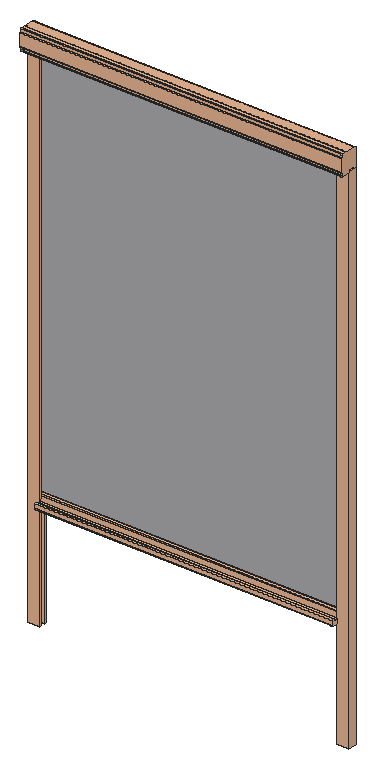
Revit family "Window_Screen-Sliding-Phantom_Screens-Prestige-Retractable_Window-04", category Specialty Equipment, Revit 2017
Family settings
  Round Connector Dimension = Use Diameter
  Part Type = Normal
  OmniClass Number = 23.30.60.21
  OmniClass Title = Insect Screens
  Work Plane-Based = No
  Always vertical = Yes
  Cut with Voids When Loaded = No
  Shared = No
  Room Calculation Point = No
Parameters (values of type "Wood Slide Bar")
  Width [instance] = if(Requested Width > Max Width, Max Width, if(Requested Width < Min Width, Min Width, Requested Width))  # 3' - 0"
  URL = "https://www.phantomscreens.com/"
  Type Comments = "Vertical Screen"  # constant formula
  Track Thickness = 0' - 0 223/256"  # constant formula
  Track Height = 0' - 1 91/256"  # constant formula
  Thickness = 0' - 1 29/32"  # constant formula
  Standard Track Calc = not(Removable Track Calc)  # yes
  Standard Track = not(Removable Track)  # no
  Slide Bar Height = 0' - 1 49/128"  # constant formula
  Screen Opening Height Calc [instance] = if(Screen Opening > Height Opening - Slide Bar Height, Height Opening - Slide Bar Height, Screen Opening)  # 1' - 0"
  Requested Width [instance] = 3' - 0"
  Requested Height [instance] = 5' - 0"
  Removable Track Calc = and(Standard Track, Removable Track)  # no
  Removable Track = yes
  Product Page URL = "https://www.phantomscreens.com/retractable-door-screens/"
  Product Name = "Retractable Window Screen"  # constant formula
  Product Documentation Link = "https://www.phantomscreens.com/architects-designers/"
  Not Removable Track = not(Removable Track Calc)  # yes
  Model = "Retractable Window Wood Veneer Application"  # constant formula
  Min Width = 1' - 6"  # constant formula
  Max Width = 6' - 0"  # constant formula
  Max Height = 6' - 6"  # constant formula
  Manufacturer = "Phantom Mfg. (Int'l) Ltd."  # constant formula
  Housing Height = 0' - 2 27/128"  # constant formula
  Height Opening [instance] = Height - Housing Height  # 4' - 9 101/128"
  Height [instance] = if(Requested Height > Max Height, Max Height, Requested Height)  # 5' - 0"
  Finish Screen = Screen-Insect_Mesh-Phantom_Screens-BetterVue_Mesh
  Finish = Wood-Phantom_Screens-Dark_Acacia
  Screen Opening [instance] = 1' - 0"
  Door Bottom Offset = 0' - 0 175/256"  # constant formula
  Description = "Phantom retractable wood window screen"  # constant formula
  Bottom Latch Offset = 0' - 0 175/256"  # constant formula
  Assembly Code = "B2010300"
Reference planes (in)
  plane 1 "Center (Front/Back)": y = -0.33082
  plane 2: z = 0
  plane 3 "Center (Left/Right)": x = 22.55646
  plane 4 "Top": z = 60
  plane 5 "Left": x = 4.55646
  plane 6 "Right": x = 40.55646
  plane 7 "Front": y = -1.28395
  plane 8 "Back": y = 0.6223
  plane 9 "Screen Top": z = 57.78906
  plane 10 "Track Interior": y = -0.24879
  plane 11 "Bottom Track": z = 12
  plane 12 "Track Exterior": y = 0.6223
  plane 13 "Right Offset": x = 39.20099
  plane 14 "Left Offset": x = 5.91192
  plane 15 "ScreenOffset": z = 13.38281
  plane 16 "Slide Bar Edge": y = -0.76442
  plane 17 "Requested Ht": z = 60
  plane 18 "Req Width Left": x = 4.55646
  plane 19 "Req Width Right": x = 40.55646
  plane 20 "Screen Open": z = 12
  plane 21: z = 12
Forms (in)
  Extrusion 1, solid, material "Wood-Phantom_Screens-Dark_Acacia" <- "Finish", detail levels coarse
    sketch origin (0, 0, 0) x (1, 0, 0) y (0, 1, 0)
      loop
        line (4.55646, 0.6223) -> (4.55646, -0.24879) -> (5.91192, -0.24879) -> (5.91192, 0.6223) -> (4.55646, 0.6223)
      loop
        line (39.20099, 0.6223) -> (39.20099, -0.24879) -> (40.55646, -0.24879) -> (40.55646, 0.6223) -> (39.20099, 0.6223)
    from 0 to 57.78906
  Extrusion 2, solid, material "Wood-Phantom_Screens-Dark_Acacia" <- "Finish", visible <- "Not Removable Track", detail levels medium+fine
    sketch origin (0, 0, 0) x (1, 0, 0) y (0, 1, 0)
      loop
        line (4.55646, 0.6223) -> (4.55646, -0.24879) -> (5.91192, -0.24879) -> (5.91192, -0.10286) -> (5.44405, -0.10286) -> (5.44405, 0.47637) -> (5.91192, 0.47637) -> (5.91192, 0.6223) -> (4.55646, 0.6223)
      loop
        line (40.55646, 0.6223) -> (39.20099, 0.6223) -> (39.20099, 0.47637) -> (39.66886, 0.47637) -> (39.66886, -0.10286) -> (39.20099, -0.10286) -> (39.20099, -0.24879) -> (40.55646, -0.24879) -> (40.55646, 0.6223)
    from 0 to 57.78906
  Extrusion 3, solid, material "Wood-Phantom_Screens-Dark_Acacia" <- "Finish", detail levels coarse
    sketch origin (22.55646, 0, 0) x (0, 1, 0) y (0, 0, 1)
      loop
        line (0.6223, 12) -> (0.6223, 13.38281) -> (-0.86598, 13.38281) -> (-0.86598, 12) -> (0.6223, 12)
    from -16.64453 to 16.64453
  Extrusion 4, solid, material "Wood-Phantom_Screens-Dark_Acacia" <- "Finish", detail levels medium+fine
    sketch origin (22.55646, 0, 0) x (0, 1, 0) y (0, 0, 1)
      loop
        line (-0.14346, 13.11288) -> (-0.16248, 12.57047)
        arc (-0.16248, 12.57047) -> (-0.1988, 12.48278) -> (-0.2865, 12.44646) r 0.12402
        line (-0.2865, 12.44646) -> (-0.54345, 12.44646)
        arc (-0.54345, 12.44646) -> (-0.63114, 12.48278) -> (-0.66747, 12.57047) r 0.12402
        line (-0.66747, 12.57047) -> (-0.66747, 12.61512)
        arc (-0.66747, 12.61512) -> (-0.76668, 12.69463) -> (-0.86589, 12.61512) r 0.10165
        line (-0.86589, 12.61512) -> (-0.86589, 12.12402)
        arc (-0.86589, 12.12402) -> (-0.82957, 12.03632) -> (-0.74188, 12) r 0.12402
        line (-0.74188, 12) -> (0.49828, 12)
        arc (0.49828, 12) -> (0.58598, 12.03632) -> (0.6223, 12.12402) r 0.12402
        line (0.6223, 12.12402) -> (0.6223, 13.38402) -> (0.01686, 13.38402)
        arc (0.01686, 13.38402) -> (-0.06736, 13.35537) -> (-0.11538, 13.2805) r 0.13477
        line (-0.11538, 13.2805) -> (-0.14346, 13.11288)
    from -16.64453 to 16.64453
  Extrusion 5, solid, material "Wood-Phantom_Screens-Dark_Acacia" <- "Finish", detail levels coarse
    sketch origin (22.55646, 0, 0) x (0, 1, 0) y (0, 0, 1)
      loop
        line (0.6223, 60) -> (-1.28395, 60) -> (-1.28395, 57.70962) -> (0.6223, 57.70962) -> (0.6223, 60)
    from -18 to 18
  Extrusion 6, solid, material "Screen-Insect_Mesh-Phantom_Screens-BetterVue_Mesh" <- "Finish Screen"
    sketch origin (0, 0, 0) x (1, 0, 0) y (0, 1, 0)
      loop
        line (5.53692, 0.32393) -> (5.53692, 0.2079) -> (39.57208, 0.2079) -> (39.57208, 0.32393) -> (5.53692, 0.32393)
    from 13.0006 to 58.41941
  Extrusion 7, solid, material "Wood-Phantom_Screens-Dark_Acacia" <- "Finish", visible <- "Removable Track Calc", detail levels medium+fine
    sketch origin (0, 0, 0) x (1, 0, 0) y (0, 1, 0)
      loop
        line (4.55646, 0.6223) -> (4.55646, 0.5552) -> (4.63901, 0.5552) -> (4.63901, -0.0641) -> (5.0527, -0.0641) -> (5.0527, -0.24879) -> (5.91192, -0.24879) -> (5.91192, -0.11188) -> (5.44761, -0.11188) -> (5.44761, 0.48043) -> (5.91192, 0.48043) -> (5.91192, 0.6223) -> (4.55646, 0.6223)
      loop
        line (40.55646, 0.6223) -> (39.20099, 0.6223) -> (39.20099, 0.48043) -> (39.6653, 0.48043) -> (39.6653, -0.11188) -> (39.20099, -0.11188) -> (39.20099, -0.24879) -> (40.06021, -0.24879) -> (40.06021, -0.0641) -> (40.4739, -0.0641) -> (40.4739, 0.5552) -> (40.55646, 0.5552) -> (40.55646, 0.6223)
    from 0 to 57.78906
  Extrusion 8, solid, material "Wood-Phantom_Screens-Dark_Acacia" <- "Finish", detail levels medium+fine
    sketch origin (22.55646, 0, 0) x (0, 1, 0) y (0, 0, 1)
      loop
        line (0.6223, 57.96102) -> (0.6223, 59.87498)
        arc (0.6223, 59.87498) -> (0.58568, 59.96338) -> (0.49728, 60) r 0.12502
        line (0.49728, 60) -> (-0.62133, 60) -> (-0.66431, 59.97519) -> (-1.11867, 59.97519)
        arc (-1.11867, 59.97519) -> (-1.17525, 59.95175) -> (-1.19869, 59.89517) r 0.08001
        line (-1.19869, 59.89517) -> (-1.19869, 59.63907) -> (-1.2787, 59.55905) -> (-1.2787, 58.14043) -> (-1.1981, 58.05982) -> (-1.18377, 57.78635)
        arc (-1.18377, 57.78635) -> (-1.15896, 57.73255) -> (-1.10394, 57.7106) r 0.07994
        line (-1.10394, 57.7106) -> (-0.28514, 57.7106) -> (-0.28514, 58.03556) -> (0.3969, 58.03556)
        arc (0.3969, 58.03556) -> (0.45802, 57.84232) -> (0.6223, 57.96102) r 0.12502
    from -18 to 18
Dimensions and locks (in)
  equal spacing: plane 5 "Left", plane 3 "Center (Left/Right)", plane 6 "Right"
  "Thickness": plane 8 "Back" to plane 7 "Front"
  "Width": plane 5 "Left" to plane 6 "Right"
  "Housing Height": plane 4 "Top" to plane 9 "Screen Top"
  "Height": plane 4 "Top" to plane 2
  "Screen Opening": plane 21 to plane 2
  equal spacing: plane 8 "Back", plane 1 "Center (Front/Back)", plane 7 "Front"
  "Track Thickness": plane 10 "Track Interior" to plane 12 "Track Exterior"
  locked: plane 12 "Track Exterior" to plane 8 "Back" at 0
  "Track Height": plane 5 "Left" to plane 14 "Left Offset"
  "Track Height": plane 13 "Right Offset" to plane 6 "Right"
  locked: Extrusion 2 sketch curve to plane 14 "Left Offset" at 0.46787
  locked: plane 13 "Right Offset" to Extrusion 2 sketch curve at 0.46787
  locked: plane 12 "Track Exterior" to Extrusion 2 sketch curve at 0.14593
  locked: plane 10 "Track Interior" to Extrusion 2 sketch curve at 0.14593  (x2)
  locked: Extrusion 2 sketch curve to plane 12 "Track Exterior" at 0.14593
  "Slide Bar Height": plane 15 "ScreenOffset" to plane 11 "Bottom Track"
  plane 12 "Track Exterior" to Extrusion 4 sketch curve to Extrusion 4 sketch curve to Extrusion 4 sketch curve to Extrusion 4 sketch curve to Extrusion 4 sketch curve to Extrusion 4 sketch curve to Extrusion 4 sketch curve to Extrusion 4 sketch curve = 0' - 0" locked, 0' - 0.60545" locked, 0' - 0.13223" locked, 0' - 0.0471" locked, 0' - 0.12402" locked, 0' - 0.25695" locked, 0' - 0.12402" locked, 0' - 0.19843" locked
  Extrusion 4 sketch curve to Extrusion 4 sketch curve to Extrusion 4 sketch curve to Extrusion 4 sketch curve to Extrusion 4 sketch curve to Extrusion 4 sketch curve to Extrusion 4 sketch curve to Extrusion 4 sketch curve to plane 11 "Bottom Track" to Extrusion 4 sketch curve = 0' - 0.10352" locked, 0' - 0.16762" locked, 0' - 0.41826" locked, 0' - 0.12415" locked, 0' - 0" locked, 0' - 0.12402" locked, 0' - 0.32244" locked, 0' - 0.12402" locked, 0' - 0" locked
  locked: plane 9 "Screen Top" to Extrusion 5 sketch curve at 0.07944
  locked: plane 15 "ScreenOffset" to Extrusion 6 at 0.38221
  Extrusion 6 sketch curve to Extrusion 6 sketch curve to plane 12 "Track Exterior" = 0' - 0.11603" locked, 0' - 0.29837" locked
  locked: Extrusion 6 sketch curve to plane 14 "Left Offset" at 0.375
  locked: plane 13 "Right Offset" to Extrusion 6 sketch curve at 0.37109
  Extrusion 7 sketch curve to Extrusion 7 sketch curve to Extrusion 7 sketch curve to Extrusion 7 sketch curve to Extrusion 7 sketch curve to plane 12 "Track Exterior" to Extrusion 7 sketch curve = 0' - 0.13692" locked, 0' - 0.04778" locked, 0' - 0.54453" locked, 0' - 0.07476" locked, 0' - 0.0671" locked, 0' - 0" locked  (x2)
  Extrusion 7 sketch curve to plane 5 "Left" to Extrusion 7 sketch curve to Extrusion 7 sketch curve to Extrusion 7 sketch curve to Extrusion 7 sketch curve to Extrusion 7 sketch curve = 0' - 0" locked, 0' - 0.08256" locked, 0' - 0.41369" locked, 0' - 0.39491" locked, 0' - 0.46432" locked, 0' - 0" locked
  Extrusion 7 sketch curve to plane 6 "Right" to Extrusion 7 sketch curve to Extrusion 7 sketch curve to Extrusion 7 sketch curve to Extrusion 7 sketch curve to Extrusion 7 sketch curve = 0' - 0" locked, 0' - 0.08256" locked, 0' - 0.41369" locked, 0' - 0.39491" locked, 0' - 0.46432" locked, 0' - 0" locked
  "Requested Height": plane 17 "Requested Ht" to plane 2
  "Requested Width": plane 19 "Req Width Right" to plane 18 "Req Width Left"
  equal spacing: plane 19 "Req Width Right", plane 3 "Center (Left/Right)", plane 18 "Req Width Left"
  "Screen Opening Height Calc": plane 20 "Screen Open" to plane 2
  Extrusion 8 sketch curve to plane 4 "Top" to Extrusion 8 sketch curve to Extrusion 8 sketch curve to Extrusion 8 sketch curve to Extrusion 8 sketch curve to Extrusion 8 sketch curve to Extrusion 8 sketch curve to Extrusion 8 sketch curve to Extrusion 8 sketch curve to Extrusion 8 sketch curve to Extrusion 8 sketch curve to Extrusion 8 sketch curve = 0' - 0" locked, 0' - 0.02481" locked, 0' - 0.08001" locked, 0' - 0.0202" locked, 0' - 0.23591" locked, 0' - 0.08001" locked, 0' - 1.41863" locked, 0' - 0.0806" locked, 0' - 0.02426" locked, 0' - 0.19956" locked, 0' - 0.04965" locked, 0' - 0.07575" locked
  Extrusion 8 sketch curve to plane 12 "Track Exterior" to Extrusion 8 sketch curve to Extrusion 8 sketch curve to Extrusion 8 sketch curve to Extrusion 8 sketch curve to Extrusion 8 sketch curve to Extrusion 8 sketch curve to Extrusion 8 sketch curve to Extrusion 8 sketch curve to Extrusion 8 sketch curve to Extrusion 8 sketch curve = 0' - 0" locked, 0' - 0.12502" locked, 0' - 0.10037" locked, 0' - 0.68204" locked, 0' - 0.33619" locked, 0' - 0 11/256" locked, 0' - 0.43963" locked, 0' - 0.07983" locked, 0' - 0.01433", 0' - 0.00059" locked, 0' - 0.08001" locked
  locked: plane 1 "Center (Front/Back)" to Extrusion 3 sketch curve at 0.53516
  locked: Extrusion 6 to plane 9 "Screen Top" at 0.63035
  aligned and locked: level to plane 2
  aligned and locked: Extrusion 1 sketch curve to plane 10 "Track Interior"  (x2)
  aligned and locked: plane 6 "Right" to Extrusion 1 sketch curve
  aligned and locked: plane 12 "Track Exterior" to Extrusion 2 sketch curve
  aligned and locked: plane 5 "Left" to Extrusion 2 sketch curve
  aligned and locked: Extrusion 2 sketch curve to plane 10 "Track Interior"
  aligned and locked: Extrusion 2 sketch curve to plane 14 "Left Offset"  (x2)
  aligned and locked: Extrusion 2 sketch curve to plane 6 "Right"
  aligned and locked: Extrusion 2 sketch curve to plane 12 "Track Exterior"
  aligned and locked: plane 13 "Right Offset" to Extrusion 2 sketch curve  (x2)
  aligned and locked: plane 10 "Track Interior" to Extrusion 2 sketch curve
  aligned and locked: Extrusion 2 to level
  aligned and locked: Extrusion 1 to level
  aligned and locked: plane 9 "Screen Top" to Extrusion 1
  aligned and locked: Extrusion 1 sketch curve to plane 13 "Right Offset"
  aligned and locked: plane 12 "Track Exterior" to Extrusion 1 sketch curve  (x2)
  aligned and locked: plane 5 "Left" to Extrusion 1 sketch curve
  aligned and locked: Extrusion 1 sketch curve to plane 14 "Left Offset"
  aligned and locked: nested 1 to plane 5 "Left"
  aligned and locked: nested 3 to plane 5 "Left"
  aligned and locked: nested 5 to plane 5 "Left"
  aligned and locked: nested 1 to plane 12 "Track Exterior"
  aligned and locked: nested 3 to plane 12 "Track Exterior"
  aligned and locked: nested 5 to plane 12 "Track Exterior"  (x2)
  aligned and locked: nested 2 to plane 12 "Track Exterior"
  aligned and locked: nested 4 to plane 12 "Track Exterior"
  aligned and locked: nested 4 to plane 6 "Right"
  aligned and locked: nested 2 to plane 6 "Right"
  aligned and locked: plane 6 "Right" to nested 6
  aligned and locked: plane 12 "Track Exterior" to nested 7
  aligned and locked: plane 15 "ScreenOffset" to Extrusion 3 sketch curve
  aligned and locked: Extrusion 3 sketch curve to plane 11 "Bottom Track"
  aligned and locked: Extrusion 3 sketch curve to plane 12 "Track Exterior"
  aligned and locked: Extrusion 4 to plane 14 "Left Offset"
  aligned and locked: Extrusion 3 to plane 14 "Left Offset"
  aligned and locked: Extrusion 4 to plane 13 "Right Offset"
  aligned and locked: Extrusion 3 to plane 13 "Right Offset"
  aligned and locked: plane 11 "Bottom Track" to nested 7
  aligned and locked: Extrusion 5 sketch curve to plane 8 "Back"
  aligned and locked: Extrusion 5 to plane 5 "Left"
  aligned and locked: Extrusion 5 to plane 6 "Right"
  aligned and locked: Extrusion 7 to level
  aligned and locked: plane 9 "Screen Top" to Extrusion 7
  aligned and locked: plane 20 "Screen Open" to plane 11 "Bottom Track"
  aligned and locked: plane 9 "Screen Top" to Extrusion 2
  aligned and locked: plane 12 "Track Exterior" to nested 6
  aligned and locked: plane 12 "Track Exterior" to nested 8
  aligned and locked: nested 8 to plane 4 "Top"
  aligned and locked: plane 7 "Front" to Extrusion 5 sketch curve
  aligned and locked: Extrusion 8 to plane 5 "Left"
  aligned and locked: Extrusion 8 to plane 6 "Right"
Automatic sketch dimensions
  Extrusion 4 sketch curve to Extrusion 4 sketch curve = 0' - 0.00113"
  Extrusion 4 sketch curve to plane 10 "Track Interior" = 0' - 0.10533"
  Extrusion 4 sketch curve to Extrusion 4 sketch curve = 0' - 0.32244"
  Extrusion 4 sketch curve to Extrusion 4 sketch curve = 0' - 0.0225"
  Extrusion 4 sketch curve to Extrusion 4 sketch curve = 0' - 0.02215"
  Extrusion 5 sketch curve to plane 4 "Top" = 0' - 0"
Nested families (in)
  nested 1: "Nested-Detail-Phantom_Screens-Retractable_Window-PVC-Side_Track" at (6.55646, -0.2527, 0) x (0, -1, 0) z (0, 0, 1), visible <- "Standard Track Calc", type "Standard Track"
  nested 2: "Nested-Detail-Phantom_Screens-Retractable_Window-PVC-Side_Track" at (38.55646, 0.62621, 0) x (0, 1, 0) z (0, 0, 1), visible <- "Standard Track Calc", type "Standard Track"
  nested 3: "Nested-Detail-Phantom_Screens-Retractable_Window-PVC-Side_Track" at (6.55646, -0.2527, 0) x (0, -1, 0) z (0, 0, 1), type "Short Side Track", not visible
  nested 4: "Nested-Detail-Phantom_Screens-Retractable_Window-PVC-Side_Track" at (38.55646, 0.62621, 0) x (0, 1, 0) z (0, 0, 1), type "Short Side Track", not visible
  nested 5: "Nested-Detail-Phantom_Screens-Retractable_Window-Wood_Veneer-Removable_Track" at (3.91192, 0.62621, 0) x (0, 1, 0) z (0, 0, 1), visible <- "Removable Track Calc", type "Removable Track"
  nested 6: "Nested-Detail-Phantom_Screens-Retractable_Window-Wood_Veneer-Removable_Track" at (41.20099, 0.62621, 0) x (0, 1, 0) z (0, 0, 1), visible <- "Removable Track Calc", type "Removable Track"
  nested 7: "Nested-Detail-Phantom_Screens-Retractable_Window-Wood_Veneer-Slide_Bar" at (22.55646, -0.25274, 14) x (0, -1, 0) z (1, 0, 0), type "Slide Bar"
  nested 8: "Nested-Detail-Phantom_Screens-Retractable_Window-Wood-Housing" at (22.55646, -0.43764, 59.7106) x (0, -1, 0) z (1, 0, 0), type "Housing"
Definition of nested family "Nested-Detail-Phantom_Screens-Retractable_Window-PVC-Side_Track"
  Parameters (values of type "Standard Track")
    Width = 0' - 0 223/256"  # constant formula
    URL = "https://www.phantomscreens.com/"
    Type Comments = "For Use With Phantom Models Only"  # constant formula
    Standard Track = not(Short Side Track)  # yes
    Short Side Track = no
    Model = "PVC/Aluminum"  # constant formula
    Manufacturer = "Phantom Mfg. (Int'l) Ltd."  # constant formula
    Height = if(Short Side Track, 0' 0 115/128", 0' 1 91/256")  # 0' - 1 91/256"
    Description = if(Short Side Track, "Short Side Track", "Standard Track")  # "Standard Track"
  Types (2): name | Standard Track | Short Side Track | Height | Description
    Short Side Track | no | yes | 0' - 0 115/128" | "Short Side Track"
    Standard Track | yes | no | 0' - 1 91/256" | "Standard Track"
  Reference planes (in)
    plane 1 "Center (Front/Back)": y = -1.23437
    plane 2: z = 0
    plane 3 "Center (Left/Right)": x = -0.43945
    plane 4 "Left": x = -0.875
    plane 5 "Bottom": y = -2
    plane 6 "Right": x = -0.00391
    plane 7: y = -0.64453
  Lines and regions (in)
    Masking region 1, in view "Ref. Level", detail levels coarse
      outline origin (0, 0, 0) x (1, 0, 0) y (0, 1, 0)
        loop
          line (-0.875, -0.64453) -> (-0.875, -2) -> (-0.00391, -2) -> (-0.00391, -0.64453) -> (-0.875, -0.64453)
    Masking region 2, in view "Ref. Level", detail levels medium+fine
      outline origin (6.99908, 6.96535, 0) x (-1, 0, 0) y (0, -1, 0)
        loop
          line (7.06096, 8.90738) -> (7.81611, 8.90738) -> (7.81611, 8.12774) -> (7.77812, 8.12774)
          arc (7.77812, 8.12774) -> (7.74278, 8.1131) -> (7.72814, 8.07776) r 0.04998
          line (7.72814, 8.07776) -> (7.72814, 8.02783) -> (7.77858, 8.02783) -> (7.77858, 8.07776) -> (7.81611, 8.07776) -> (7.81611, 7.86059) -> (7.77858, 7.86059) -> (7.77858, 7.90979) -> (7.72814, 7.90979) -> (7.72814, 7.60997) -> (7.78612, 7.60997) -> (7.78612, 7.75263) -> (7.87408, 7.85186) -> (7.87408, 8.96535) -> (7.00298, 8.96535) -> (7.00298, 7.84695) -> (7.09094, 7.75263) -> (7.09094, 7.60997) -> (7.14892, 7.60997) -> (7.14892, 7.90979) -> (7.09848, 7.90979) -> (7.09848, 7.86059) -> (7.06096, 7.86059) -> (7.06096, 8.07776) -> (7.09848, 8.07776) -> (7.09848, 8.02783) -> (7.14892, 8.02783) -> (7.14892, 8.07776)
          arc (7.14892, 8.07776) -> (7.13428, 8.1131) -> (7.09894, 8.12774) r 0.04998
          line (7.09894, 8.12774) -> (7.06096, 8.12774) -> (7.06096, 8.90738)
  Dimensions and locks (in)
    plane 4 "Left" to plane 3 "Center (Left/Right)" = 0' - 0.43555"
    plane 1 "Center (Front/Back)" to plane 5 "Bottom" = 0' - 0 49/64"
    "Width": plane 4 "Left" to plane 6 "Right"
    "Height": plane 7 to plane 5 "Bottom"
    Masking region 2 sketch curve to plane 4 "Left" to Masking region 2 sketch curve to Masking region 2 sketch curve to Masking region 2 sketch curve to Masking region 2 sketch curve to Masking region 2 sketch curve to Masking region 2 sketch curve to Masking region 2 sketch curve to Masking region 2 sketch curve to Masking region 2 sketch curve to Masking region 2 sketch curve to Masking region 2 sketch curve to Masking region 2 sketch curve to Masking region 2 sketch curve to Masking region 2 sketch curve = 0' - 0" locked, 0' - 0.05797" locked, 0' - 0" locked, 0' - 0.02999" locked, 0' - 0.00754" locked, 0' - 0" locked, 0' - 0.05044" locked, 0' - 0" locked, 0' - 0.57923" locked, 0' - 0" locked, 0' - 0.05044" locked, 0' - 0.00754" locked, 0' - 0.02999" locked, 0' - 0" locked, 0' - 0.05797" locked
    plane 7 to Masking region 2 sketch curve to Masking region 2 sketch curve to Masking region 2 sketch curve to Masking region 2 sketch curve to Masking region 2 sketch curve to Masking region 2 sketch curve to Masking region 2 sketch curve to Masking region 2 sketch curve to Masking region 2 sketch curve to Masking region 2 sketch curve to Masking region 2 sketch curve to Masking region 2 sketch curve to Masking region 2 sketch curve to Masking region 2 sketch curve to Masking region 2 sketch curve = 0' - 0.00009" locked, 0' - 0" locked, 0' - 0.14265" locked, 0' - 0" locked, 0' - 0.09433" locked, 0' - 0.01364" locked, 0' - 0" locked, 0' - 0.04919" locked, 0' - 0" locked, 0' - 0.11804" locked, 0' - 0" locked, 0' - 0.04993" locked, 0' - 0" locked, 0' - 0.04998" locked, 0' - 0" locked
    Masking region 2 sketch curve to Masking region 2 sketch curve to plane 5 "Bottom" = 0' - 0.05797" locked, 0' - 0" locked
    equal spacing: plane 4 "Left", plane 3 "Center (Left/Right)", plane 6 "Right"
    aligned and locked: Masking region 1 sketch curve to plane 7
    aligned and locked: Masking region 1 sketch curve to plane 4 "Left"
    aligned and locked: plane 5 "Bottom" to Masking region 1
  Automatic sketch dimensions
    Masking region 1 sketch curve to plane 6 "Right" = 0' - 0"
    plane 5 "Bottom" to Masking region 1 sketch curve = 0' - 0"
    Masking region 2 sketch curve to Masking region 2 sketch curve = 0' - 0.00046"
    Masking region 2 sketch curve to Masking region 2 sketch curve = 0' - 0.00873"
    Masking region 2 sketch curve to Masking region 2 sketch curve = 0' - 0"  (x2)
Definition of nested family "Nested-Detail-Phantom_Screens-Retractable_Window-Wood_Veneer-Removable_Track"
  Parameters (values of type "Removable Track")
    Width = 0' - 0 223/256"  # constant formula
    URL = "https://www.phantomscreens.com/"
    Type Comments = "For Use With Phantom Models Only"  # constant formula
    Model = "Wood Veneer"  # constant formula
    Manufacturer = "Phantom Mfg. (Int'l) Ltd."  # constant formula
    Height = 0' - 1 91/256"  # constant formula
    Description = "Removable Track"  # constant formula
  Reference planes (in)
    plane 1 "Center (Front/Back)": y = -1.23437
    plane 2: z = 0
    plane 3 "Center (Left/Right)": x = -0.43945
    plane 4 "Left": x = -0.875
    plane 5 "Bottom": y = -2
    plane 6 "Right": x = -0.00391
    plane 7: y = -0.64453
  Lines and regions (in)
    Masking region 1, in view "Ref. Level", detail levels coarse
      outline origin (0, 0, 0) x (1, 0, 0) y (0, 1, 0)
        loop
          line (-0.875, -0.64453) -> (-0.875, -2) -> (-0.00391, -2) -> (-0.00391, -0.64453) -> (-0.875, -0.64453)
    Masking region 2, in view "Ref. Level", detail levels medium+fine
      outline origin (0, 0, 0) x (1, 0, 0) y (0, 1, 0)
        loop
          line (-0.68222, -0.80507) -> (-0.68222, -1.01915) -> (-0.64803, -1.04413) -> (-0.64803, -1.079) -> (-0.6903, -1.10676) -> (-0.6903, -1.26849) -> (-0.82539, -1.26849) -> (-0.82539, -1.16432)
          arc (-0.82539, -1.16432) -> (-0.85019, -1.13951) -> (-0.875, -1.16432) r 0.02481
          line (-0.875, -1.16432) -> (-0.875, -1.73649) -> (-0.78769, -1.84787) -> (-0.78769, -2) -> (-0.73808, -2) -> (-0.73808, -1.70236) -> (-0.78769, -1.70236) -> (-0.78769, -1.75164) -> (-0.82539, -1.75164) -> (-0.82539, -1.53568) -> (-0.78769, -1.53568) -> (-0.78769, -1.58463) -> (-0.73808, -1.58463) -> (-0.73808, -1.53568)
          arc (-0.73808, -1.53568) -> (-0.75261, -1.5006) -> (-0.78769, -1.48608) r 0.04961
          line (-0.78769, -1.48608) -> (-0.82539, -1.48608) -> (-0.82539, -1.3181) -> (-0.64104, -1.3181) -> (-0.64104, -1.14032) -> (-0.59847, -1.08205) -> (-0.59847, -1.04447) -> (-0.63159, -0.99403) -> (-0.63159, -0.77669) -> (-0.30187, -0.77669) -> (-0.30187, -0.99403) -> (-0.335, -1.04447) -> (-0.335, -1.08205) -> (-0.29242, -1.14032) -> (-0.29242, -1.3181) -> (-0.05846, -1.3181) -> (-0.05846, -1.48608) -> (-0.09617, -1.48608)
          arc (-0.09617, -1.48608) -> (-0.13124, -1.5006) -> (-0.14577, -1.53568) r 0.04961
          line (-0.14577, -1.53568) -> (-0.14577, -1.58463) -> (-0.09617, -1.58463) -> (-0.09617, -1.53762) -> (-0.05846, -1.53762) -> (-0.05846, -1.75164) -> (-0.09617, -1.75164) -> (-0.09617, -1.70236) -> (-0.14577, -1.70236) -> (-0.14577, -2) -> (-0.09617, -2) -> (-0.09617, -1.84787) -> (-0.00391, -1.7235) -> (-0.00391, -0.66926)
          arc (-0.00391, -0.66926) -> (-0.0302, -0.6445) -> (-0.05333, -0.67223) r 0.0248
          line (-0.05333, -0.67223) -> (-0.06869, -1.26849) -> (-0.24316, -1.26849) -> (-0.24316, -1.10676) -> (-0.28544, -1.079) -> (-0.28544, -1.04413) -> (-0.25125, -1.01915) -> (-0.25125, -0.80507)
          arc (-0.25125, -0.80507) -> (-0.27498, -0.74985) -> (-0.33061, -0.72709) r 0.07937
          line (-0.33061, -0.72709) -> (-0.60286, -0.72709)
          arc (-0.60286, -0.72709) -> (-0.65849, -0.74985) -> (-0.68222, -0.80507) r 0.07937
  Dimensions and locks (in)
    plane 4 "Left" to plane 3 "Center (Left/Right)" = 0' - 0.43555"
    plane 7 to plane 1 "Center (Front/Back)" to plane 5 "Bottom" = 0' - 0 151/256", 0' - 0 49/64"
    "Width": plane 4 "Left" to plane 6 "Right"
    "Height": plane 7 to plane 5 "Bottom"
    equal spacing: plane 4 "Left", plane 3 "Center (Left/Right)", plane 6 "Right"
    plane 4 "Left" to Masking region 2 sketch curve to Masking region 2 sketch curve to Masking region 2 sketch curve to Masking region 2 sketch curve to Masking region 2 sketch curve to Masking region 2 sketch curve to Masking region 2 sketch curve to Masking region 2 sketch curve to Masking region 2 sketch curve to Masking region 2 sketch curve to Masking region 2 sketch curve to Masking region 2 sketch curve to Masking region 2 sketch curve to Masking region 2 sketch curve to Masking region 2 sketch curve to Masking region 2 sketch curve to Masking region 2 sketch curve to Masking region 2 sketch curve to Masking region 2 sketch curve to Masking region 2 sketch curve to Masking region 2 sketch curve to Masking region 2 sketch curve to Masking region 2 sketch curve to Masking region 2 sketch curve to Masking region 2 sketch curve to Masking region 2 sketch curve to Masking region 2 sketch curve to Masking region 2 sketch curve to Masking region 2 sketch curve to Masking region 2 sketch curve = 0' - 0" locked, 0' - 0.04961" locked, 0' - 0" locked, 0' - 0" locked, 0' - 0.0377" locked, 0' - 0" locked, 0' - 0" locked, 0' - 0.04961" locked, 0' - 0.04778" locked, 0' - 0.00809" locked, 0' - 0.03419" locked, 0' - 0.00699" locked, 0' - 0.00945" locked, 0' - 0.03312" locked, 0' - 0.26347" locked, 0' - 0.03312" locked, 0' - 0.00945" locked, 0' - 0.00699" locked, 0' - 0.03419" locked, 0' - 0.00809" locked, 0' - 0.09739" locked, 0' - 0" locked, 0' - 0.04961" locked, 0' - 0" locked, 0' - 0" locked, 0' - 0.02747" locked, 0' - 0.01023" locked, 0' - 0" locked, 0' - 0.00513" locked, 0' - 0.04943" locked
    plane 5 "Bottom" to Masking region 2 sketch curve to Masking region 2 sketch curve to Masking region 2 sketch curve to Masking region 2 sketch curve to Masking region 2 sketch curve to Masking region 2 sketch curve to Masking region 2 sketch curve to Masking region 2 sketch curve to Masking region 2 sketch curve to Masking region 2 sketch curve to Masking region 2 sketch curve to Masking region 2 sketch curve to Masking region 2 sketch curve to Masking region 2 sketch curve to Masking region 2 sketch curve to Masking region 2 sketch curve to Masking region 2 sketch curve to Masking region 2 sketch curve to Masking region 2 sketch curve to Masking region 2 sketch curve to Masking region 2 sketch curve to Masking region 2 sketch curve to Masking region 2 sketch curve to Masking region 2 sketch curve to Masking region 2 sketch curve to Masking region 2 sketch curve to Masking region 2 sketch curve to Masking region 2 sketch curve to Masking region 2 sketch curve to Masking region 2 sketch curve to Masking region 2 sketch curve to Masking region 2 sketch curve to Masking region 2 sketch curve to Masking region 2 sketch curve to Masking region 2 sketch curve to Masking region 2 sketch curve to Masking region 2 sketch curve to Masking region 2 sketch curve = 0' - 0" locked, 0' - 0" locked, 0' - 0.15213" locked, 0' - 0" locked, 0' - 0.09623" locked, 0' - 0" locked, 0' - 0.01515" locked, 0' - 0.01299", 0' - 0.02114", 0' - 0" locked, 0' - 0.11773" locked, 0' - 0" locked, 0' - 0.04701" locked, 0' - 0.00194" locked, 0' - 0.04961" locked, 0' - 0" locked, 0' - 0 43/256" locked, 0' - 0" locked, 0' - 0.04961" locked, 0' - 0" locked, 0' - 0.12817" locked, 0' - 0" locked, 0' - 0.00081" locked, 0' - 0.03275" locked, 0' - 0" locked, 0' - 0.02471" locked, 0' - 0" locked, 0' - 0.00306" locked, 0' - 0" locked, 0' - 0.03453" locked, 0' - 0" locked, 0' - 0.00033" locked, 0' - 0" locked, 0' - 0.02498" locked, 0' - 0.02513" locked, 0' - 0.21733" locked, 0' - 0.04961" locked, 0' - 0.08263" locked
    aligned and locked: Masking region 1 sketch curve to plane 7
    aligned and locked: Masking region 1 sketch curve to plane 4 "Left"
    aligned and locked: plane 5 "Bottom" to Masking region 1
  Automatic sketch dimensions
    Masking region 1 sketch curve to plane 6 "Right" = 0' - 0"
    plane 5 "Bottom" to Masking region 1 sketch curve = 0' - 0"
    Masking region 2 sketch curve to Masking region 2 sketch curve = 0' - 0"  (x4)
    Masking region 2 sketch curve to Masking region 2 sketch curve = 0' - 0.02873"
    Masking region 2 sketch curve to Masking region 2 sketch curve = 0' - 0.00439"
    Masking region 2 sketch curve to Masking region 2 sketch curve = 0' - 0.02462"
    Masking region 2 sketch curve to Masking region 2 sketch curve = 0' - 0.00139"
    Masking region 2 sketch curve to Masking region 2 sketch curve = 0' - 0.07937"
    Masking region 2 sketch curve to plane 1 "Center (Front/Back)" = 0' - 0.24035"
    Masking region 2 sketch curve to plane 1 "Center (Front/Back)" = 0' - 0.21522"
Definition of nested family "Nested-Detail-Phantom_Screens-Retractable_Window-Wood_Veneer-Slide_Bar"
  Parameters (values of type "Slide Bar")
    Width = 0' - 1 125/256"  # constant formula
    URL = "https://www.phantomscreens.com/"
    Type Comments = "For Use With Phantom Models Only"  # constant formula
    Model = "Wood Veneer"  # constant formula
    Manufacturer = "Phantom Mfg. (Int'l) Ltd."  # constant formula
    Height = 0' - 1 49/128"  # constant formula
    Description = "Slide Bar"  # constant formula
  Types (2): name
    Side Track Surface Mount Inside Jamb
    Slide Bar
  Reference planes (in)
    plane 1 "Center (Front/Back)": y = -1.23437
    plane 2: z = 0
    plane 3 "Center (Left/Right)": x = -0.1309
    plane 4 "Left": x = -0.87504
    plane 5 "Bottom": y = -2
    plane 6 "Right": x = 0.61324
    plane 7: y = -0.61719
  Lines and regions (in)
    Masking region 1, in view "Ref. Level", detail levels coarse
      outline origin (0, 0, 0) x (1, 0, 0) y (0, 1, 0)
        loop
          line (-0.87504, -0.61719) -> (-0.87504, -2) -> (0.61324, -2) -> (0.61324, -0.61719) -> (-0.87504, -0.61719)
    Masking region 2, in view "Ref. Level", detail levels medium+fine
      outline origin (0, 0, 0) x (1, 0, 0) y (0, 1, 0)
        loop
          arc (0.48913, -2) -> (0.57682, -1.96368) -> (0.61315, -1.87598) r 0.12402
          line (0.61315, -1.87598) -> (0.61315, -1.38488)
          arc (0.61315, -1.38488) -> (0.51393, -1.30537) -> (0.41472, -1.38488) r 0.10165
          line (0.41472, -1.38488) -> (0.41472, -1.42953)
          arc (0.41472, -1.42953) -> (0.3784, -1.51722) -> (0.29071, -1.55354) r 0.12402
          line (0.29071, -1.55354) -> (0.03375, -1.55354)
          arc (0.03375, -1.55354) -> (-0.05394, -1.51722) -> (-0.09026, -1.42953) r 0.12402
          line (-0.09026, -1.42953) -> (-0.10928, -0.88712) -> (-0.13737, -0.7195)
          arc (-0.13737, -0.7195) -> (-0.18539, -0.64463) -> (-0.2696, -0.61598) r 0.13477
          line (-0.2696, -0.61598) -> (-0.43503, -0.61598) -> (-0.32537, -1.13189) -> (-0.55012, -1.13189) -> (-0.55012, -0.61598) -> (-0.87504, -0.61598) -> (-0.87504, -1.87598)
          arc (-0.87504, -1.87598) -> (-0.83872, -1.96368) -> (-0.75103, -2) r 0.12402
          line (-0.75103, -2) -> (-0.62701, -2) -> (-0.62701, -1.75197) -> (-0.54963, -1.75197) -> (-0.54963, -2) -> (0.48913, -2)
  Dimensions and locks (in)
    plane 4 "Left" to plane 3 "Center (Left/Right)" = 0' - 0.74414"
    plane 1 "Center (Front/Back)" to plane 5 "Bottom" = 0' - 0 49/64"
    "Width": plane 4 "Left" to plane 6 "Right"
    "Height": plane 7 to plane 5 "Bottom"
    plane 4 "Left" to Masking region 2 sketch curve to Masking region 2 sketch curve to Masking region 2 sketch curve to Masking region 2 sketch curve to Masking region 2 sketch curve to Masking region 2 sketch curve to Masking region 2 sketch curve to Masking region 2 sketch curve to Masking region 2 sketch curve to Masking region 2 sketch curve to Masking region 2 sketch curve to Masking region 2 sketch curve to Masking region 2 sketch curve to Masking region 2 sketch curve = 0' - 0" locked, 0' - 0.12402" locked, 0' - 0.12402" locked, 0' - 0.07689" locked, 0' - 0.00049" locked, 0' - 0.11459" locked, 0' - 0.10966" locked, 0' - 0.18801" locked, 0' - 0.02809" locked, 0' - 0.01902" locked, 0' - 0.38097" locked, 0' - 0.12402" locked, 0' - 0.07441" locked, 0' - 0.12402" locked
    Masking region 2 sketch curve to Masking region 2 sketch curve to Masking region 2 sketch curve to Masking region 2 sketch curve to Masking region 2 sketch curve to Masking region 2 sketch curve to Masking region 2 sketch curve to Masking region 2 sketch curve to Masking region 2 sketch curve to Masking region 2 sketch curve to Masking region 2 sketch curve to Masking region 2 sketch curve to Masking region 2 sketch curve to Masking region 2 sketch curve = 0' - 0" locked, 0' - 0.10352" locked, 0' - 0.16762" locked, 0' - 0.24477" locked, 0' - 0.25299" locked, 0' - 0.04465" locked, 0' - 0" locked, 0' - 0.12402" locked, 0' - 0.19843" locked, 0' - 0.12402" locked, 0' - 0" locked, 0' - 0.12402" locked, 0' - 0" locked
    equal spacing: plane 4 "Left", plane 3 "Center (Left/Right)", plane 6 "Right"
    aligned and locked: Masking region 1 sketch curve to plane 7
    aligned and locked: Masking region 1 sketch curve to plane 4 "Left"
  Automatic sketch dimensions
    Masking region 2 sketch curve to plane 5 "Bottom" = 0' - 1.38402"
    Masking region 2 sketch curve to Masking region 2 sketch curve = 0' - 0.00113"
    Masking region 2 sketch curve to Masking region 2 sketch curve = 0' - 0.1311"
    Masking region 2 sketch curve to Masking region 2 sketch curve = 0' - 0.09921"
    Masking region 2 sketch curve to Masking region 2 sketch curve = 0' - 0.02215"
    plane 5 "Bottom" to Masking region 1 sketch curve = 0' - 0"
    Masking region 1 sketch curve to plane 6 "Right" = 0' - 0"
Definition of nested family "Nested-Detail-Phantom_Screens-Retractable_Window-Wood-Housing"
  Parameters (values of type "Housing")
    Width = 0' - 1 29/32"
    URL = "https://www.phantomscreens.com/"
    Type Comments = "For Use With Phantom Models Only"  # constant formula
    Model = "Retractable Window"  # constant formula
    Manufacturer = "Phantom Mfg. (Int'l) Ltd."  # constant formula
    Height = 0' - 2.2894"
    Description = "Wood Housing"  # constant formula
  Reference planes (in)
    plane 1 "Center (Front/Back)": y = -0.8553
    plane 2: z = 0
    plane 3 "Center (Left/Right)": x = 0
    plane 4 "Right": x = 0.84631
    plane 5 "Left": x = -1.05994
    plane 6 "Top": y = 0.2894
    plane 7 "Bottom": y = -2
  Lines and regions (in)
    Masking region 1, in view "Ref. Level", detail levels medium+fine
      outline origin (-4.6529, 0.04331, 0) x (1, 0, 0) y (0, 1, 0)
        loop
          arc (3.64297, 0.04419) -> (3.68614, 0.02548) -> (3.73316, 0.02668) r 0.10908
          line (3.73316, 0.02668) -> (3.72275, 0.07565)
          arc (3.72275, 0.07565) -> (3.66506, 0.17423) -> (3.76389, 0.11697) r 0.05907
          line (3.76389, 0.11697) -> (3.81242, 0.10487)
          arc (3.81242, 0.10487) -> (3.81418, 0.15236) -> (3.79558, 0.19608) r 0.10908
          line (3.79558, 0.19608) -> (4.8232, 0.19608) -> (4.87958, 0.16353)
          arc (4.87958, 0.16353) -> (4.8563, 0.10033) -> (4.87458, 0.0355) r 0.10908
          line (4.87458, 0.0355) -> (4.91703, 0.06202)
          arc (4.91703, 0.06202) -> (4.99368, 0.14786) -> (4.96257, 0.03706) r 0.05907
          line (4.96257, 0.03706) -> (4.98134, -0.01182)
          arc (4.98134, -0.01182) -> (5.03295, 0.0105) -> (5.06657, 0.05557) r 0.10908
          line (5.06657, 0.05557) -> (5.31594, -0.0884) -> (5.33844, -0.04942) -> (5.12307, 0.07493) -> (5.15807, 0.13556) -> (5.28922, 0.05984) -> (5.36143, 0.04456) -> (5.37179, 0.09348) -> (5.29155, 0.11047) -> (5.1979, 0.16454)
          arc (5.1979, 0.16454) -> (5.14477, 0.17153) -> (5.10226, 0.13891) r 0.07001
          line (5.10226, 0.13891) -> (5.07422, 0.09034)
          arc (5.07422, 0.09034) -> (5.02783, 0.18543) -> (4.9226, 0.19644) r 0.10908
          line (4.9226, 0.19644) -> (4.8366, 0.24609) -> (3.71799, 0.24609)
          arc (3.71799, 0.24609) -> (3.62958, 0.20948) -> (3.59297, 0.12107) r 0.12502
          line (3.59297, 0.12107) -> (3.59297, -1.79288)
          arc (3.59297, -1.79288) -> (3.75105, -1.91345) -> (3.82552, -1.72911) r 0.12502
          line (3.82552, -1.72911) -> (3.77011, -1.76509)
          arc (3.77011, -1.76509) -> (3.68777, -1.84364) -> (3.71757, -1.73382) r 0.05907
          line (3.71757, -1.73382) -> (3.71757, -1.68381)
          arc (3.71757, -1.68381) -> (3.67742, -1.69163) -> (3.64297, -1.7137) r 0.10908
          line (3.64297, -1.7137) -> (3.64297, 0.04419)
    Masking region 2, in view "Ref. Level", detail levels medium+fine
      outline origin (-5.77397, -0.02572, 0) x (1, 0, 0) y (0, 1, 0)
        loop
          arc (5.96424, -1.80083) -> (5.95486, -1.76583) -> (5.92924, -1.7402) r 0.07001
          line (5.92924, -1.7402) -> (5.76081, -1.63993)
          arc (5.76081, -1.63993) -> (5.68935, -1.63452) -> (5.65077, -1.69492) r 0.06981
          line (5.65077, -1.69492) -> (5.68823, -1.71655) -> (5.71323, -1.67324) -> (5.91423, -1.78929) -> (5.91423, -1.92427) -> (5.62148, -1.92427) -> (5.62148, -1.97428) -> (6.44027, -1.97428)
          arc (6.44027, -1.97428) -> (6.4953, -1.95232) -> (6.5201, -1.89852) r 0.07994
          line (6.5201, -1.89852) -> (6.53502, -1.624)
          arc (6.53502, -1.624) -> (6.55805, -1.56669) -> (6.61503, -1.54286) r 0.08
          line (6.61503, -1.54286) -> (6.61503, -0.12582)
          arc (6.61503, -0.12582) -> (6.55846, -0.10239) -> (6.53502, -0.04581) r 0.08001
          line (6.53502, -0.04581) -> (6.53502, 0.2103)
          arc (6.53502, 0.2103) -> (6.51159, 0.26688) -> (6.45501, 0.29031) r 0.08001
          line (6.45501, 0.29031) -> (6.36044, 0.29031) -> (6.36044, 0.24031) -> (6.46351, 0.24031)
          arc (6.46351, 0.24031) -> (6.48472, 0.23152) -> (6.49351, 0.2103) r 0.03001
          line (6.49351, 0.2103) -> (6.49351, 0.06491) -> (6.29188, 0.18132) -> (6.26934, 0.14227) -> (6.48501, 0.01775) -> (6.48501, -0.04581)
          arc (6.48501, -0.04581) -> (6.50685, -0.11793) -> (6.56503, -0.16583) r 0.13002
          line (6.56503, -0.16583) -> (6.56503, -1.50285)
          arc (6.56503, -1.50285) -> (6.50685, -1.55075) -> (6.48455, -1.62131) r 0.13002
          line (6.48455, -1.62131) -> (6.46867, -1.92427) -> (5.96424, -1.92427) -> (5.96424, -1.80083)
    Masking region 3, in view "Ref. Level", detail levels coarse
      outline origin (0, 0, 0) x (1, 0, 0) y (0, 1, 0)
        loop
          line (-1.05994, 0.2894) -> (-1.05994, -2) -> (0.84631, -2) -> (0.84631, 0.2894) -> (-1.05994, 0.2894)
  Dimensions and locks (in)
    "Height": plane 6 "Top" to plane 7 "Bottom"  (x2)
    equal spacing: plane 6 "Top", plane 1 "Center (Front/Back)", plane 7 "Bottom"
    "Width": plane 5 "Left" to plane 4 "Right"
    plane 6 "Top" to Masking region 1 sketch curve to Masking region 1 sketch curve to Masking region 1 sketch curve to Masking region 1 sketch curve to Masking region 1 sketch curve to Masking region 1 sketch curve to Masking region 1 sketch curve to Masking region 1 sketch curve to Masking region 1 sketch curve to Masking region 1 sketch curve to Masking region 1 sketch curve to Masking region 1 sketch curve to Masking region 1 sketch curve to Masking region 1 sketch curve to Masking region 1 sketch curve to Masking region 1 sketch curve to Masking region 1 sketch curve to Masking region 1 sketch curve to Masking region 1 sketch curve to Masking region 1 sketch curve to Masking region 1 sketch curve to Masking region 1 sketch curve to Masking region 1 sketch curve to Masking region 1 sketch curve to Masking region 1 sketch curve to Masking region 1 sketch curve = 0' - 0" locked, 0' - 0.04095" locked, 0' - 0.00906" locked, 0' - 0.00447" locked, 0' - 0.0177" locked, 0' - 0.01878" locked, 0' - 0.01957" locked, 0' - 0.03069" locked, 0' - 0.01139" locked, 0' - 0.01856" locked, 0' - 0.0129" locked, 0' - 0.00218" locked, 0' - 0.00427" locked, 0' - 0.01101" locked, 0' - 0.0075" locked, 0' - 0.00156" locked, 0' - 0.01202" locked, 0' - 0.0353" locked, 0' - 0.0376" locked, 0' - 0.03898" locked, 0' - 1.59541" locked, 0' - 0.02989" locked, 0' - 0.02012" locked, 0' - 0.03127" locked, 0' - 0.08686" locked, 0' - 0.06596" locked
    Masking region 1 sketch curve to plane 5 "Left" to Masking region 1 sketch curve to Masking region 1 sketch curve to Masking region 1 sketch curve to Masking region 1 sketch curve to Masking region 1 sketch curve to Masking region 1 sketch curve to Masking region 1 sketch curve to Masking region 1 sketch curve to Masking region 1 sketch curve to Masking region 1 sketch curve to Masking region 1 sketch curve to Masking region 1 sketch curve to Masking region 1 sketch curve to Masking region 1 sketch curve to Masking region 1 sketch curve to Masking region 1 sketch curve to Masking region 1 sketch curve to Masking region 1 sketch curve to Masking region 1 sketch curve to Masking region 1 sketch curve to Masking region 1 sketch curve to Masking region 1 sketch curve to Masking region 1 sketch curve to Masking region 1 sketch curve to Masking region 1 sketch curve to Masking region 1 sketch curve to Masking region 1 sketch curve = 0' - 0" locked, 0' - 0.05001" locked, 0' - 0.00488" locked, 0' - 0.01107" locked, 0' - 0.05865" locked, 0' - 0.00518" locked, 0' - 0.01041" locked, 0' - 0.03073" locked, 0' - 0.03169" locked, 0' - 0.01684" locked, 0' - 0.0131" locked, 0' - 0.99767" locked, 0' - 0.0134" locked, 0' - 0.01962" locked, 0' - 0.12512" locked, 0' - 0.04302" locked, 0' - 0.04221" locked, 0' - 0.00765" locked, 0' - 0.00015" locked, 0' - 0.0487" locked, 0' - 0.03501" locked, 0' - 0.03983" locked, 0' - 0.09131" locked, 0' - 0.00234" locked, 0' - 0.02439" locked, 0' - 0.0225" locked, 0' - 0.02299" locked, 0' - 0.01036" locked
    plane 5 "Left" to Masking region 2 sketch curve to Masking region 2 sketch curve to Masking region 2 sketch curve to Masking region 2 sketch curve to Masking region 2 sketch curve to Masking region 2 sketch curve to Masking region 2 sketch curve to Masking region 2 sketch curve to Masking region 2 sketch curve to Masking region 2 sketch curve to Masking region 2 sketch curve to Masking region 2 sketch curve to Masking region 2 sketch curve to Masking region 2 sketch curve to Masking region 2 sketch curve to Masking region 2 sketch curve to Masking region 2 sketch curve = 0' - 0.90744" locked, 0' - 0.0293" locked, 0' - 0.03746" locked, 0' - 0.025" locked, 0' - 0.201" locked, 0' - 0.05001" locked, 0' - 0.30509" locked, 0' - 0.02254" locked, 0' - 0.06856" locked, 0' - 0.10824" locked, 0' - 0.01634" locked, 0' - 0.0085" locked, 0' - 0.02659" locked, 0' - 0.01492" locked, 0' - 0" locked, 0' - 0.03001" locked, 0' - 0.05001" locked
    plane 6 "Top" to Masking region 2 sketch curve to Masking region 2 sketch curve to Masking region 2 sketch curve to Masking region 2 sketch curve to Masking region 2 sketch curve to Masking region 2 sketch curve to Masking region 2 sketch curve to Masking region 2 sketch curve to Masking region 2 sketch curve to Masking region 2 sketch curve to Masking region 2 sketch curve to Masking region 2 sketch curve to Masking region 2 sketch curve to Masking region 2 sketch curve to Masking region 2 sketch curve to Masking region 2 sketch curve to Masking region 2 sketch curve to Masking region 2 sketch curve to Masking region 2 sketch curve to Masking region 2 sketch curve = 0' - 0.02481" locked, 0' - 0.05001" locked, 0' - 0.05899" locked, 0' - 0 5/128" locked, 0' - 0.07737" locked, 0' - 0.04716" locked, 0' - 0.14358" locked, 0' - 0.04001" locked, 0' - 1.33702" locked, 0' - 0.04002" locked, 0' - 0.09707" locked, 0' - 0.03331" locked, 0' - 0.02168" locked, 0' - 0.02163" locked, 0' - 0.02365" locked, 0' - 0.04908" locked, 0' - 0.01155" locked, 0' - 0.12343" locked, 0' - 0" locked, 0' - 0.05001" locked
    aligned and locked: Masking region 3 sketch curve to plane 6 "Top"
    aligned and locked: Masking region 3 sketch curve to plane 5 "Left"
    aligned and locked: Masking region 3 sketch curve to plane 7 "Bottom"
    aligned and locked: Masking region 3 sketch curve to plane 4 "Right"
  Automatic sketch dimensions
    Masking region 1 sketch curve to Masking region 1 sketch curve = 0' - 0"  (x11)
    Masking region 1 sketch curve to Masking region 1 sketch curve = 0' - 0.00477"
    Masking region 1 sketch curve to plane 6 "Top" = 0' - 0.04966"
    Masking region 1 sketch curve to Masking region 1 sketch curve = 0' - 0.04302"
    Masking region 1 sketch curve to Masking region 1 sketch curve = 0' - 0.02804"
    Masking region 1 sketch curve to Masking region 1 sketch curve = 0' - 0.00482"
    Masking region 1 sketch curve to plane 6 "Top" = 0' - 0.08156"
    Masking region 2 sketch curve to Masking region 2 sketch curve = 0' - 0"  (x5)
    Masking region 2 sketch curve to Masking region 2 sketch curve = 0' - 0.00732"
    Masking region 2 sketch curve to plane 3 "Center (Left/Right)" = 0' - 0.01316"
    Masking region 2 sketch curve to Masking region 2 sketch curve = 0' - 0.015"
    Masking region 2 sketch curve to Masking region 2 sketch curve = 0' - 0.09457"
    Masking region 2 sketch curve to Masking region 2 sketch curve = 0' - 0.0284"
    Masking region 2 sketch curve to plane 7 "Bottom" = 0' - 0.07575"
    Masking region 2 sketch curve to Masking region 2 sketch curve = 0' - 0.04999"
    Masking region 2 sketch curve to Masking region 2 sketch curve = 0' - 0.00046"
    Masking region 2 sketch curve to Masking region 2 sketch curve = 0' - 0.00059"
    Masking region 2 sketch curve to Masking region 2 sketch curve = 0' - 0.00105"
    Masking region 2 sketch curve to Masking region 2 sketch curve = 0' - 0.00157"
